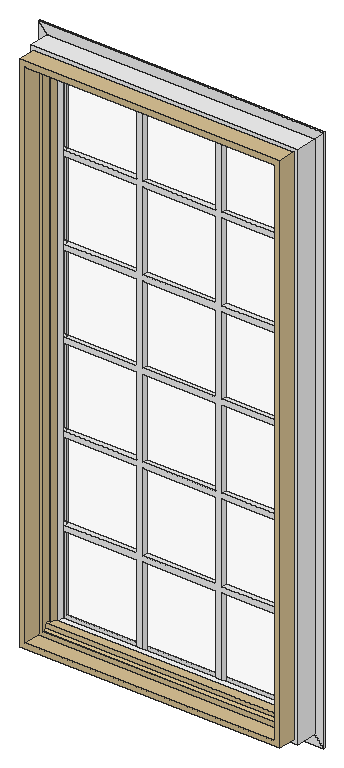
Revit family
Parameters (values of type "CXW16")
  URL = ""
  Description = "400 Series Casement - Single Sash"
  Default Head Height = 6' - 8"
  Height = 5' - 11 7/8"
  Installation Flange Inset [instance] = 0' - 0 3/4"
  Manufacturer = "Andersen Corporation"
  Default Sill Height = Default Head Height - Height  # 0' - 8 1/8"
  Construction Type = "Vinyl Clad Wood"
  Model = "CXW16"
  Type Comments = "Shown w/ Optional Extension Jamb"
  Wall Closure = (empty or 0)
  Width = 2' - 11 15/16"
Reference planes (in)
  plane 1: y = 0
  plane 2: z = 0
  plane 3 "Center": x = 0
  plane 4 "Right": x = -17.96875
  plane 5 "Left": x = 17.96875
  plane 6 "Sill": z = 8.125
  plane 7 "Head Height": z = 80
  plane 8: y = 2.25
  plane 9: z = 66.6875
  plane 10: z = 78
  plane 11: z = 10.125
  plane 12: x = 15.96875
  plane 13: x = -15.96875
  plane 14: x = 5.32292
  plane 15: z = 44.0625
  plane 16: z = 21.4375
  plane 17: x = -5.32292
  plane 18: z = 32.75
  plane 19: z = 44.0625
  plane 20: z = 55.375
Forms (in)
  Sweep 1, solid
    path origin (0, 0, 0) x (0, 0, -1) y (1, 0, 0)
      loop
        line (-8.125, 17.96875) -> (-80, 17.96875) -> (-80, -17.96875) -> (-8.125, -17.96875) -> (-8.125, 17.96875)
    profile origin (0, 0, 0) x (0, 0, -1) y (0, -1, 0)
      loop
        line (-6.875, -2.25) -> (-8.125, -2.25) -> (-8.125, -2.375) -> (-6.875, -2.375) -> (-6.875, -2.25)
  Extrusion 2, solid
    sketch origin (0, 0, 0) x (0, 0, -1) y (1, 0, 0)
      loop
        line (-10.125, 15.96875) -> (-77.875, 15.96875) -> (-77.875, -15.96875) -> (-10.125, -15.96875) -> (-10.125, 15.96875)
    from -2.5975 to -1.9725
  Extrusion 3, solid
    sketch origin (0, 0, 0) x (0, 0, -1) y (1, 0, 0)
      loop
        line (-67.0625, 5.69792) -> (-78, 5.69792) -> (-78, 4.94792) -> (-67.0625, 4.94792) -> (-67.0625, -4.94792) -> (-78, -4.94792) -> (-78, -5.69792) -> (-67.0625, -5.69792) -> (-67.0625, -15.96875) -> (-66.3125, -15.96875) -> (-66.3125, -5.69792) -> (-55.75, -5.69792) -> (-55.75, -15.96875) -> (-55, -15.96875) -> (-55, -5.69792) -> (-44.4375, -5.69792) -> (-44.4375, -15.96875) -> (-43.6875, -15.96875) -> (-43.6875, -5.69792) -> (-33.125, -5.69792) -> (-33.125, -15.96875) -> (-32.375, -15.96875) -> (-32.375, -5.69792) -> (-21.8125, -5.69792) -> (-21.8125, -15.96875) -> (-21.0625, -15.96875) -> (-21.0625, -5.69792) -> (-10.125, -5.69792) -> (-10.125, -4.94792) -> (-21.0625, -4.94792) -> (-21.0625, 4.94792) -> (-10.125, 4.94792) -> (-10.125, 5.69792) -> (-21.0625, 5.69792) -> (-21.0625, 15.96875) -> (-21.8125, 15.96875) -> (-21.8125, 5.69792) -> (-32.375, 5.69792) -> (-32.375, 15.96875) -> (-33.125, 15.96875) -> (-33.125, 5.69792) -> (-43.6875, 5.69792) -> (-43.6875, 15.96875) -> (-44.4375, 15.96875) -> (-44.4375, 5.69792) -> (-55, 5.69792) -> (-55, 15.96875) -> (-55.75, 15.96875) -> (-55.75, 5.69792) -> (-66.3125, 5.69792) -> (-66.3125, 15.96875) -> (-67.0625, 15.96875) -> (-67.0625, 5.69792)
      loop
        line (-43.6875, 4.94792) -> (-43.6875, -4.94792) -> (-33.125, -4.94792) -> (-33.125, 4.94792) -> (-43.6875, 4.94792)
      loop
        line (-21.8125, 4.94792) -> (-32.375, 4.94792) -> (-32.375, -4.94792) -> (-21.8125, -4.94792) -> (-21.8125, 4.94792)
      loop
        line (-66.3125, -4.94792) -> (-55.75, -4.94792) -> (-55.75, 4.94792) -> (-66.3125, 4.94792) -> (-66.3125, -4.94792)
      loop
        line (-44.4375, -4.94792) -> (-44.4375, 4.94792) -> (-55, 4.94792) -> (-55, -4.94792) -> (-44.4375, -4.94792)
    from -2.5975 to -1.9725
  Sweep 4, solid
    path origin (0, 2.5975, 0) x (0, 0, -1) y (1, 0, 0)
      loop
        line (-8.125, 16.82475) -> (-8.125, -16.82475)
    profile origin (0, 2.5975, 0) x (0, 0, -1) y (0, -1, 0)
      loop
        line (-78.04367, -0.652) -> (-77.98757, -0.21179) -> (-77.5698, -0.19789) -> (-77.46407, 0) -> (-78.09302, 0) -> (-78.09302, 0.625) -> (-77.56402, 0.625) -> (-77.68287, 1.348) -> (-78.36883, 1.348) -> (-78.46181, 0.8165) -> (-79.18702, 0.8165) -> (-79.18702, -0.652) -> (-78.04367, -0.652)
      loop
        line (-10.41279, 1.348) -> (-10.53164, 0.625) -> (-10.00264, 0.625) -> (-10.00264, 0) -> (-10.63159, 0) -> (-10.52586, -0.19789) -> (-10.10808, -0.21179) -> (-10.05199, -0.652) -> (-8.90864, -0.652) -> (-8.90864, 0.8165) -> (-9.63385, 0.8165) -> (-9.72683, 1.348) -> (-10.41279, 1.348)
  Sweep 5, solid
    path origin (0, 2.5975, 0) x (0, 0, -1) y (1, 0, 0)
      loop
        line (-8.125, 17.96875) -> (-8.125, -17.96875)
    profile origin (0, 2.5975, 0) x (0, 0, -1) y (0, -1, 0)
      loop
        line (-80, -0.9645) -> (-79.31202, -0.9645) -> (-79.31202, 0.8165) -> (-78.576, 0.8165) -> (-78.576, 3.1955) -> (-80, 3.1955) -> (-80, -0.9645)
      loop
        line (-8.76047, -0.9645) -> (-8.125, -0.9645) -> (-8.125, 3.1955) -> (-9.549, 3.1955) -> (-9.549, 0.8165) -> (-8.81298, 0.8165) -> (-8.76047, -0.9645)
  Sweep 6, solid
    path origin (0, 2.5975, 0) x (0, 0, -1) y (1, 0, 0)
      loop
        line (-8.125, 16.82475) -> (-8.125, -16.82475)
    profile origin (0, 2.5975, 0) x (0, 0, -1) y (0, -1, 0)
      loop
        line (-78.576, 1.3655) -> (-77.699, 1.3655) -> (-77.699, 2.34528) -> (-78.059, 2.3655) -> (-78.059, 3.3655) -> (-78.856, 3.3655) -> (-78.856, 3.1955) -> (-78.576, 3.1955) -> (-78.576, 1.3655)
      loop
        line (-9.549, 1.3655) -> (-9.549, 3.1955) -> (-9.27, 3.1955) -> (-9.27, 3.3655) -> (-9.832, 3.3655) -> (-9.832, 3.2155) -> (-10.144, 2.9305) -> (-10.678, 2.88793) -> (-10.678, 1.6315) -> (-10.38, 1.3655) -> (-9.549, 1.3655)
  Sweep 7, solid
    path origin (0, 2.5975, 0) x (0, 0, -1) y (1, 0, 0)
      loop
        line (-8.125, 17.51175) -> (-8.125, -17.51175)
    profile origin (0, 2.5975, 0) x (0, 0, -1) y (0, -1, 0)
      loop
        line (-79.543, 5.5975) -> (-79.543, 3.1955) -> (-78.856, 3.1955) -> (-78.856, 5.5975) -> (-79.543, 5.5975)
      loop
        line (-9.269, 5.5975) -> (-9.269, 3.1955) -> (-8.582, 3.1955) -> (-8.582, 5.5975) -> (-9.269, 5.5975)
  Sweep 8, solid
    path origin (0, 2.5975, 0) x (0, 0, -1) y (1, 0, 0)
      loop
        line (-8.90864, -17.96875) -> (-79.18702, -17.96875)
    profile origin (0, 2.5975, 44.04783) x (-1, 0, 0) y (0, -1, 0)
      loop
        line (15.66605, 0) -> (15.77178, -0.19789) -> (16.18956, -0.21179) -> (16.24565, -0.652) -> (17.389, -0.652) -> (17.389, 0.8165) -> (16.66379, 0.8165) -> (16.57081, 1.348) -> (15.88485, 1.348) -> (15.766, 0.625) -> (16.295, 0.625) -> (16.295, 0) -> (15.66605, 0)
      loop
        line (-15.65205, 0) -> (-16.281, 0) -> (-16.281, 0.625) -> (-15.752, 0.625) -> (-15.87085, 1.348) -> (-16.55681, 1.348) -> (-16.64979, 0.8165) -> (-17.375, 0.8165) -> (-17.375, -0.652) -> (-16.23165, -0.652) -> (-16.17556, -0.21179) -> (-15.75778, -0.19789) -> (-15.65205, 0)
  Sweep 9, solid
    path origin (0, 0, 0) x (0, 0, -1) y (1, 0, 0)
      loop
        line (-78.856, -17.96875) -> (-8.582, -17.96875)
    profile origin (0, 0, 43.719) x (0, -1, 0) y (1, 0, 0)
      loop
        line (3, -17.51175) -> (3, -16.82475) -> (0.598, -16.82475) -> (0.598, -17.51175) -> (3, -17.51175)
      loop
        line (3, 17.51175) -> (0.598, 17.51175) -> (0.598, 16.82475) -> (3, 16.82475) -> (3, 17.51175)
  Sweep 10, solid
    path origin (0, 2.5975, 0) x (0, 0, -1) y (1, 0, 0)
      loop
        line (-8.125, 17.96875) -> (-79.65962, 17.96875)
    profile origin (0, 2.5975, 43.89231) x (-1, 0, 0) y (0, -1, 0)
      loop
        line (-17.48275, 0.8165) -> (-16.82475, 0.8165) -> (-16.82475, 3.1955) -> (-17.96875, 3.1955) -> (-17.96875, -0.9645) -> (-17.48275, -0.9645) -> (-17.48275, 0.8165)
      loop
        line (17.48275, 0.8165) -> (17.48275, -0.9645) -> (17.96875, -0.9645) -> (17.96875, 3.1955) -> (16.82475, 3.1955) -> (16.82475, 0.8165) -> (17.48275, 0.8165)
  Sweep 11, solid
    path origin (0, 0, 0) x (0, 0, -1) y (1, 0, 0)
      loop
        line (-78.856, -17.96875) -> (-9.27, -17.96875)
    profile origin (0, 0, 44.063) x (0, -1, 0) y (1, 0, 0)
      loop
        line (0.768, -16.82475) -> (0.768, -16.27775) -> (-0.232, -16.27775) -> (-0.25222, -15.91775) -> (-1.2495, -15.91775) -> (-1.2495, -16.82475) -> (0.768, -16.82475)
      loop
        line (0.768, 16.82475) -> (-1.2495, 16.82475) -> (-1.2495, 15.91775) -> (-0.25222, 15.91775) -> (-0.232, 16.27775) -> (0.768, 16.27775) -> (0.768, 16.82475)
Cuts and joins
  joined: Sweep 4, Sweep 8
  joined: Sweep 7, Sweep 9
  joined: Sweep 5, Sweep 10
  joined: Sweep 6, Sweep 11
Lines and regions (in)
  Opening 1
    outline origin (-60, -3, 0) x (1, 0, 0) y (0, 0, 1)
      loop
        line (41.78125, 80.25) -> (41.78125, 7.875) -> (78.21875, 7.875) -> (78.21875, 80.25) -> (41.78125, 80.25)
  symbolic lines, style "WindowsFrameMullionProjection"
    curve 1: line (-15.66605, 2.5975, 0) -> (15.65205, 2.5975, 0)
    curve 2: line (-15.66605, 1.9725, 0) -> (15.65205, 1.9725, 0)
    curve 7: line (-17.51175, -0.598, 0) -> (-17.96875, -0.598, 0)
    curve 8: line (-17.96875, 3.562, 0) -> (-16.82475, 3.562, 0)
    curve 9: line (-16.82475, 3.562, 0) -> (-16.82475, 3.2495, 0)
    curve 10: line (-16.82475, 1.2495, 0) -> (-16.82475, -3, 0)
    curve 11: line (-16.82475, -3, 0) -> (-17.51175, -3, 0)
    curve 12: line (-17.51175, -3, 0) -> (-17.51175, -0.598, 0)
    curve 13: line (-17.96875, 3.562, 0) -> (-17.96875, -0.598, 0)
    curve 14: line (-16.82475, 3.2495, 0) -> (-15.66605, 3.2495, 0)
    curve 15: line (-15.66605, 3.2495, 0) -> (-15.66605, 1.2495, 0)
    curve 16: line (-15.66605, 1.2495, 0) -> (-16.82475, 1.2495, 0)
    curve 17: line (17.51175, -0.598, 0) -> (17.96875, -0.598, 0)
    curve 18: line (17.96875, 3.562, 0) -> (16.82475, 3.562, 0)
    curve 19: line (16.82475, 3.562, 0) -> (16.82475, 3.2495, 0)
    curve 20: line (16.82475, 1.2495, 0) -> (16.82475, -3, 0)
    curve 21: line (16.82475, -3, 0) -> (17.51175, -3, 0)
    curve 22: line (17.51175, -3, 0) -> (17.51175, -0.598, 0)
    curve 23: line (17.96875, 3.562, 0) -> (17.96875, -0.598, 0)
    curve 24: line (16.82475, 3.2495, 0) -> (15.65205, 3.2495, 0)
    curve 25: line (15.65205, 3.2495, 0) -> (15.65205, 1.2495, 0)
    curve 26: line (15.65205, 1.2495, 0) -> (16.82475, 1.2495, 0)
  model lines, style "Elevation Swing"
    curve 3: line (-15.57532, 2.5975, 44.0625) -> (15.57387, 2.5975, 77.59455)
    curve 4: line (15.57532, 2.5975, 10.51843) -> (-15.57532, 2.5975, 44.0625)
    curve 5: line (-15.57532, 2.5975, 10.51843) -> (15.57532, 2.5975, 44.0625)
    curve 6: line (15.57532, 2.5975, 44.0625) -> (-15.57387, 2.5975, 77.59455)
Text (in)
  text "EXTERIOR" at (-56.58296, 30.41546, 0), in view "Ref. Level"
  text "INTERIOR" at (-58.6888, -13.80711, 0), in view "Ref. Level"
  text "Exterior" at (0, 28.69995, 90.16741), in view "Left"
  text "Exterior" at (0, 18.29385, 125.04747), in view "Right"
Dimensions and locks (in)
  equal spacing: plane 4 "Right", plane 3 "Center", plane 5 "Left"
  "Width": plane 4 "Right" to plane 5 "Left"
  "Height": plane 6 "Sill" to plane 7 "Head Height"
  locked: plane 5 "Left" to Opening 1 sketch curve at 0.25
  locked: plane 7 "Head Height" to Opening 1 sketch curve at 0.25
  locked: Opening 1 sketch curve to plane 4 "Right" at 0.25
  locked: Opening 1 sketch curve to plane 6 "Sill" at 0.25
  "Installation Flange Inset": host wall to plane 8
  Sweep 1 sketch curve to plane 6 "Sill" = 0' - 1 1/4"
  locked: Sweep 1 sketch curve to plane 8 at 0.125
  locked: Extrusion 2 sketch curve to plane 7 "Head Height" at 2.125
  locked: Extrusion 2 sketch curve to plane 5 "Left" at 2
  locked: plane 4 "Right" to Extrusion 2 sketch curve at 2
  locked: plane 6 "Sill" to Extrusion 2 sketch curve at 2
  locked: plane 12 to plane 5 "Left" at 2
  locked: plane 4 "Right" to plane 13 at 2
  locked: plane 6 "Sill" to plane 11 at 2
  locked: plane 10 to plane 7 "Head Height" at 2
  equal spacing: plane 11, plane 16, plane 18, plane 19, plane 20, plane 9, plane 10
  plane 12 to plane 14 to plane 13 = 0' - 10.64583", 1' - 9.29167"
  Extrusion 3 sketch curve to plane 14 to Extrusion 3 sketch curve = 0' - 0 3/8" locked, 0' - 0 3/8" locked
  Extrusion 3 sketch curve to plane 9 to Extrusion 3 sketch curve = 0' - 0 3/8" locked, 0' - 0 3/8" locked
  equal spacing: plane 6 "Sill", plane 15, plane 7 "Head Height"
  locked: Sweep 8 sketch curve to plane 5 "Left" at 0.59375
  locked: plane 4 "Right" to Sweep 8 sketch curve at 0.57975
  plane 4 "Right" to Sweep 9 sketch curve to Sweep 9 sketch curve = 0' - 0.457" locked, 0' - 0.687" locked
  Sweep 9 sketch curve to Sweep 9 sketch curve to plane 5 "Left" = 0' - 0.687" locked, 0' - 0.457" locked
  plane 6 "Sill" to Sweep 6 sketch curve to Sweep 6 sketch curve = 0' - 1.424" locked, 0' - 1.129" locked
  Sweep 6 sketch curve to Sweep 6 sketch curve to plane 7 "Head Height" = 0' - 0.877" locked, 0' - 1.424" locked
  Sweep 4 sketch curve to Sweep 4 sketch curve to plane 7 "Head Height" = 0' - 1.14335" locked, 0' - 0.81298" locked
  Sweep 4 sketch curve to plane 8 to Sweep 4 sketch curve to Sweep 4 sketch curve = 0' - 0.9995" locked, 0' - 0.469" locked, 0' - 0.5315" locked
  plane 6 "Sill" to Sweep 4 sketch curve to Sweep 4 sketch curve = 0' - 0.78364" locked, 0' - 1.14335" locked
  locked: plane 8 to Sweep 7 sketch curve at 2.848
  locked: Sweep 7 sketch curve to plane 7 "Head Height" at 1.144
  plane 6 "Sill" to Sweep 7 sketch curve to Sweep 7 sketch curve = 0' - 0.457" locked, 0' - 0.687" locked
  Sweep 5 sketch curve to Sweep 5 sketch curve to plane 7 "Head Height" = 0' - 0.73602" locked, 0' - 0.68798" locked
  plane 6 "Sill" to Sweep 5 sketch curve to Sweep 5 sketch curve = 0' - 0" locked, 0' - 1.424" locked
  Sweep 11 sketch curve to Sweep 11 sketch curve to plane 8 = 0' - 2.0175" locked, 0' - 1.0005" locked
  plane 4 "Right" to Sweep 11 sketch curve to Sweep 11 sketch curve = 0' - 1.144" locked, 0' - 0.907" locked
  Sweep 11 sketch curve to Sweep 11 sketch curve to plane 5 "Left" = 0' - 0.907" locked, 0' - 1.144" locked
  plane 8 to Sweep 6 sketch curve to Sweep 6 sketch curve = 0' - 1.018" locked, 0' - 2" locked
  Sweep 5 sketch curve to plane 8 to Sweep 5 sketch curve = 0' - 1.312" locked, 0' - 2.848" locked
  Sweep 8 sketch curve to plane 8 to Sweep 8 sketch curve = 0' - 1.0005" locked, 0' - 0.9995" locked
  Extrusion 2 to plane 8 to Extrusion 2 = 0' - 0.3475" locked, 0' - 0.2775" locked
  Extrusion 3 sketch curve to plane 16 to Extrusion 3 sketch curve = 0' - 0 3/8" locked, 0' - 0 3/8" locked
  equal spacing: plane 12, plane 14, plane 17, plane 13
  Extrusion 3 sketch curve to plane 17 to Extrusion 3 sketch curve = 0' - 0 3/8" locked, 0' - 0 3/8" locked
  Extrusion 3 sketch curve to plane 18 to Extrusion 3 sketch curve = 0' - 0 3/8" locked, 0' - 0 3/8" locked
  Extrusion 3 sketch curve to plane 19 to Extrusion 3 sketch curve = 0' - 0 3/8", 0' - 0 3/8"
  Extrusion 3 sketch curve to plane 20 to Extrusion 3 sketch curve = 0' - 0 3/8" locked, 0' - 0 3/8" locked
  level to plane 7 "Head Height" = 6' - 8"
  "Default Sill Height": level to plane 6 "Sill"
  aligned and locked: Sweep 1 sketch curve to plane 6 "Sill"
  aligned and locked: plane 7 "Head Height" to Sweep 1 sketch curve
  aligned and locked: Sweep 1 sketch curve to plane 4 "Right"
  aligned and locked: Sweep 1 sketch curve to plane 5 "Left"
  aligned and locked: Sweep 1 sketch curve to plane 8
  aligned and locked: plane 6 "Sill" to Sweep 1 sketch curve
  aligned and locked: Extrusion 3 sketch curve to Extrusion 3 sketch curve  (x29)
  aligned and locked: Extrusion 3 sketch curve to plane 12
  aligned and locked: plane 13 to Extrusion 3 sketch curve  (x2)
  aligned and locked: plane 10 to Extrusion 3 sketch curve  (x2)
  aligned and locked: Extrusion 3 sketch curve to plane 11
  aligned and locked: Sweep 1 to Sweep 5 sketch curve
  aligned and locked: Sweep 5 sketch curve to plane 6 "Sill"
  aligned and locked: plane 5 "Left" to Sweep 5 sketch curve
  aligned and locked: Sweep 6 sketch curve to plane 6 "Sill"
  aligned and locked: Sweep 7 sketch curve to plane 6 "Sill"
  aligned and locked: host wall to Sweep 7 sketch curve  (x2)
  aligned and locked: Sweep 8 sketch curve to plane 4 "Right"
  aligned and locked: Sweep 4 to Sweep 8 sketch curve  (x2)
  aligned and locked: Sweep 4 sketch curve to plane 6 "Sill"
  aligned and locked: plane 4 "Right" to Sweep 9 sketch curve
  aligned and locked: Sweep 9 sketch curve to host wall
  aligned and locked: Sweep 9 sketch curve to Sweep 7  (x2)
  aligned and locked: host wall to Sweep 9 sketch curve
  aligned and locked: Sweep 10 sketch curve to Sweep 5
  aligned and locked: plane 4 "Right" to Sweep 11 sketch curve
  aligned and locked: Sweep 6 to Sweep 11 sketch curve
  aligned and locked: Sweep 11 sketch curve to Sweep 6
  aligned and locked: Sweep 6 sketch curve to Sweep 6 sketch curve  (x2)
  aligned and locked: Sweep 4 sketch curve to Sweep 4 sketch curve  (x3)
  aligned and locked: Sweep 7 sketch curve to Sweep 7 sketch curve
  aligned and locked: Sweep 5 sketch curve to Sweep 5 sketch curve  (x2)
  aligned and locked: Sweep 11 sketch curve to Sweep 11 sketch curve  (x2)
  aligned and locked: host wall to cut or joined group of Sweep 7, Sweep 9
  aligned and locked: Sweep 8 sketch curve to Sweep 8 sketch curve  (x2)
  aligned and locked: Extrusion 3 to Extrusion 2  (x2)
  aligned and locked: curve 7 to cut or joined group of Sweep 5, Sweep 10
  aligned and locked: curve 7 to curve 17
  aligned and locked: plane 11 to Extrusion 3 sketch curve
  aligned and locked: plane 12 to Extrusion 3 sketch curve  (x3)
  aligned and locked: Extrusion 3 sketch curve to plane 13  (x2)
  aligned and locked: Sweep 4 sketch curve to cut or joined group of Sweep 5, Sweep 10
  aligned and locked: cut or joined group of Sweep 5, Sweep 10 to Sweep 4 sketch curve
  aligned and locked: Sweep 9 sketch curve to cut or joined group of Sweep 7, Sweep 9
Automatic sketch dimensions
  curve 4 to plane 15 = 0' - 0"
  curve 5 to plane 15 = 0' - 0"
  plane 7 "Head Height" to curve 6 = 0' - 2.40545"
  plane 7 "Head Height" to curve 3 = 0' - 2.40545"
  curve 5 to plane 6 "Sill" = 0' - 2.39343"
  curve 4 to plane 6 "Sill" = 0' - 2.39343"
  curve 5 to plane 4 "Right" = 0' - 2.39343"
  curve 4 to plane 4 "Right" = 0' - 2.39343"
  curve 6 to plane 4 "Right" = 0' - 2.39488"
  plane 5 "Left" to curve 3 = 0' - 2.39488"
  plane 5 "Left" to curve 6 = 0' - 2.39343"
  plane 5 "Left" to curve 4 = 0' - 2.39343"
  Sweep 4 sketch curve to Sweep 4 sketch curve = 0' - 0.09298"
  Sweep 4 sketch curve to Sweep 4 sketch curve = 0' - 0.36879"  (x2)
  Sweep 4 sketch curve to Sweep 4 sketch curve = 0' - 0.04935"
  Sweep 4 sketch curve to Sweep 4 sketch curve = 0' - 0.10544"
  Sweep 4 sketch curve to Sweep 4 sketch curve = 0' - 0.68596"  (x2)
  Sweep 4 sketch curve to Sweep 4 sketch curve = 0' - 0.41777"  (x2)
  Sweep 4 sketch curve to Sweep 4 sketch curve = 0' - 0.529"  (x2)
  Sweep 4 sketch curve to Sweep 4 sketch curve = 0' - 0.10573"  (x2)
  Sweep 4 sketch curve to Sweep 4 sketch curve = 0' - 0.09995"
  Sweep 4 sketch curve to Sweep 4 sketch curve = 0' - 0.11885"
  Sweep 4 sketch curve to Sweep 4 sketch curve = 0' - 0.0561"
  Sweep 4 sketch curve to Sweep 4 sketch curve = 0' - 0.44021"  (x2)
  Sweep 4 sketch curve to Sweep 4 sketch curve = 0' - 0.0139"  (x2)
  Sweep 4 sketch curve to Sweep 4 sketch curve = 0' - 0.19789"
  Sweep 4 sketch curve to Sweep 4 sketch curve = 0' - 0.21179"
  Sweep 4 sketch curve to Sweep 4 sketch curve = 0' - 0.1915"  (x2)
  Sweep 8 sketch curve to Sweep 8 sketch curve = 0' - 0.72521"
  Sweep 8 sketch curve to Sweep 8 sketch curve = 0' - 0.09298"
  Sweep 8 sketch curve to Sweep 8 sketch curve = 0' - 0.36879"  (x2)
  Sweep 8 sketch curve to Sweep 8 sketch curve = 0' - 0.04935"
  Sweep 8 sketch curve to Sweep 8 sketch curve = 0' - 0.10544"  (x2)
  Sweep 8 sketch curve to Sweep 8 sketch curve = 0' - 0.68596"  (x2)
  Sweep 8 sketch curve to Sweep 8 sketch curve = 0' - 0.41777"  (x2)
  Sweep 8 sketch curve to Sweep 8 sketch curve = 0' - 0.529"
  Sweep 8 sketch curve to Sweep 8 sketch curve = 0' - 0.10573"  (x2)
  profile plane to Sweep 8 sketch curve = 0' - 2.3027"
  Sweep 8 sketch curve to Sweep 8 sketch curve = 0' - 0.09995"
  Sweep 8 sketch curve to Sweep 8 sketch curve = 0' - 0.11885"
  Sweep 8 sketch curve to Sweep 8 sketch curve = 0' - 0.0561"
  Sweep 8 sketch curve to Sweep 8 sketch curve = 0' - 0.44021"  (x2)
  Sweep 8 sketch curve to Sweep 8 sketch curve = 0' - 0.0139"  (x2)
  Sweep 8 sketch curve to Sweep 8 sketch curve = 0' - 0.21179"
  Sweep 8 sketch curve to Sweep 8 sketch curve = 0' - 0.19789"
  Sweep 8 sketch curve to Sweep 8 sketch curve = 0' - 0 5/8"
  Sweep 8 sketch curve to Sweep 8 sketch curve = 0' - 0.1915"  (x2)
  Sweep 8 sketch curve to Sweep 8 sketch curve = 0' - 0.5315"
  Sweep 7 sketch curve to plane 4 "Right" = 0' - 0.457"
  plane 5 "Left" to Sweep 7 sketch curve = 0' - 0.457"
  Sweep 10 sketch curve to profile plane = 0' - 0"
  Sweep 10 sketch curve to Sweep 10 sketch curve = 0' - 0.486"  (x2)
  Sweep 10 sketch curve to Sweep 10 sketch curve = 0' - 1.144"
  Sweep 10 sketch curve to Sweep 10 sketch curve = 0' - 0.658"
  Sweep 10 sketch curve to Sweep 10 sketch curve = 0' - 0"
  Sweep 10 sketch curve to Sweep 10 sketch curve = 0' - 1.781"  (x2)
  Sweep 10 sketch curve to Sweep 10 sketch curve = 0' - 2.379"  (x2)
  Sweep 10 sketch curve to plane 5 "Left" = 0' - 0"
  Sweep 11 sketch curve to Sweep 11 sketch curve = 0' - 0.99728"  (x2)
  Sweep 11 sketch curve to Sweep 11 sketch curve = 0' - 0.02022"  (x2)
  Sweep 11 sketch curve to Sweep 11 sketch curve = 0' - 0.36"  (x2)
  plane 5 "Left" to Sweep 6 sketch curve = 0' - 1.144"
  Sweep 6 sketch curve to plane 4 "Right" = 0' - 1.144"
  Sweep 9 sketch curve to plane 6 "Sill" = 0' - 0.457"
  Sweep 10 sketch curve to plane 6 "Sill" = 0' - 0"
  plane 7 "Head Height" to Sweep 10 sketch curve = 0' - 0.34038"
  Extrusion 3 sketch curve to plane 9 = 0' - 0 3/8"
  plane 9 to Extrusion 3 sketch curve = 0' - 0 3/8"
  Extrusion 3 sketch curve to plane 14 = 0' - 0 3/8"  (x3)
  Extrusion 3 sketch curve to plane 16 = 0' - 0 3/8"
  plane 16 to Extrusion 3 sketch curve = 0' - 0 3/8"
  plane 17 to Extrusion 3 sketch curve = 0' - 0 3/8"  (x2)
  Extrusion 3 sketch curve to plane 17 = 0' - 0 3/8"  (x2)
  plane 14 to Extrusion 3 sketch curve = 0' - 0 3/8"  (x2)
  Sweep 5 sketch curve to Sweep 5 sketch curve = 0' - 0.68798"
  profile plane to Sweep 5 sketch curve = 0' - 0.68798"
  profile plane to Sweep 5 sketch curve = 0' - 0.63547"
  Sweep 5 sketch curve to Sweep 5 sketch curve = 0' - 1.781"  (x2)
  Sweep 6 sketch curve to Sweep 6 sketch curve = 0' - 0.28"
  Sweep 6 sketch curve to Sweep 6 sketch curve = 0' - 0.36"
  Sweep 6 sketch curve to Sweep 6 sketch curve = 0' - 0.298"
  Sweep 6 sketch curve to Sweep 6 sketch curve = 0' - 0.534"
  Sweep 6 sketch curve to Sweep 6 sketch curve = 0' - 0.283"
  Sweep 6 sketch curve to Sweep 6 sketch curve = 0' - 0.279"
  Sweep 6 sketch curve to Sweep 6 sketch curve = 0' - 0.266"
  Sweep 6 sketch curve to Sweep 6 sketch curve = 0' - 0.97978"
  Sweep 6 sketch curve to Sweep 6 sketch curve = 0' - 0.02022"
  Sweep 6 sketch curve to Sweep 6 sketch curve = 0' - 0.47757"
  Sweep 6 sketch curve to Sweep 6 sketch curve = 0' - 0.435"
  Sweep 6 sketch curve to Sweep 6 sketch curve = 0' - 0.17"  (x2)
  Sweep 6 sketch curve to Sweep 6 sketch curve = 0' - 0.15"
  Sweep 7 sketch curve to Sweep 7 sketch curve = 0' - 0.687"
  curve 13 to plane 4 "Right" = 0' - 0"
  curve 12 to host wall = 0' - 0"
  curve 21 to host wall = 0' - 0"
  curve 17 to plane 5 "Left" = 0' - 0"
  curve 7 to curve 7 = 0' - 0.457"
  host wall to curve 9 = 0' - 0.2495"
  curve 9 to plane 4 "Right" = 0' - 1.144"
  curve 10 to plane 4 "Right" = 0' - 1.144"
  plane 8 to curve 2 = 0' - 0.2775"
  curve 10 to curve 2 = 0' - 1.1587"
  plane 5 "Left" to curve 22 = 0' - 0.457"
  plane 8 to curve 10 = 0' - 1.0005"
  plane 8 to curve 20 = 0' - 1.0005"
  curve 1 to plane 8 = 0' - 0.3475"
  host wall to curve 19 = 0' - 0.2495"
  curve 19 to curve 18 = 0' - 0 5/16"
  curve 9 to curve 8 = 0' - 0 5/16"
  plane 5 "Left" to curve 19 = 0' - 1.144"
  plane 5 "Left" to curve 20 = 0' - 1.144"
  curve 25 to curve 20 = 0' - 1.1727"
